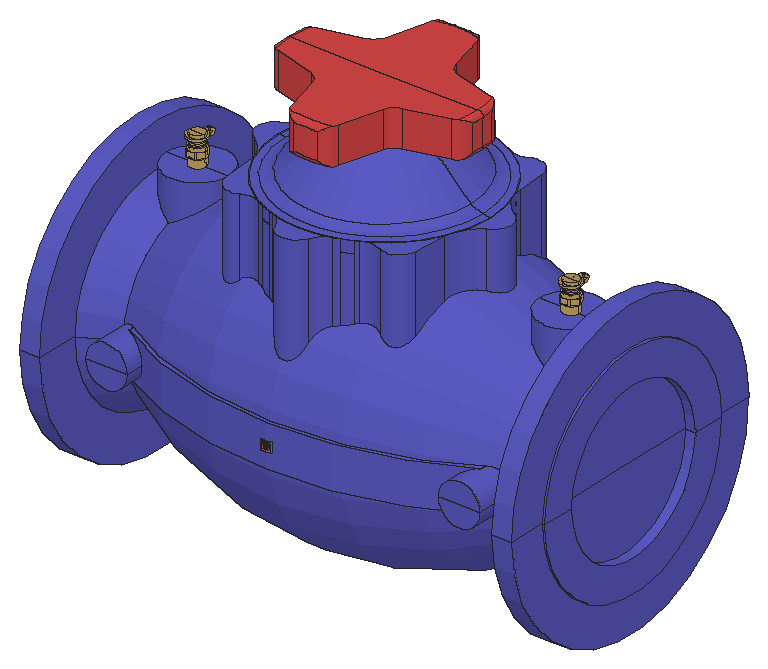
Revit family "HERZ Strömax Балансировочный клапан с измерительными клапанами, шпиндель прямой 4218 GMF", category Rohrzubehör, Revit 2018 (continued)
Definition of nested family "Messstutzen_Band_Austritt_senkrecht_(oben 25)"
  Forms (mm)
    Extrusion 4, solid, detail levels fine
      sketch origin (12.045, 0, 25.83) x (0, 1, 0) y (0.906308, 0, -0.422618)
        loop
          arc (9.582, 1.8) -> (7.288, 2.358) -> (5.505, 3.906) r 5
          arc (5.505, 3.906) -> (-6.75, 0) -> (5.505, -3.906) r 6.75
      from 0 to -1.5
    Extrusion 5, solid, detail levels fine
      sketch origin (14.022, 0, 30.07) x (0, 1, 0) y (0.906308, 0, -0.422618)
        loop
          circle (0, 0) r 6.1
        loop
          arc (8.652, -4.495) -> (10.493, -2.527) -> (13.089, -1.8) r 5
          line (13.089, -1.8) -> (13.089, 1.8)
          arc (13.089, 1.8) -> (10.493, 2.527) -> (8.652, 4.495) r 5
          arc (8.652, 4.495) -> (-9.75, 0) -> (8.652, -4.495) r 9.75
      from 0 to -1.5
    Sweep 6, solid, detail levels fine
      path origin (0.876, 0.242, 1.118) x (-0.422618, 0, -0.906308) y (0, 1, 0)
        loop
          line (-27.75, 9.582) -> (-27.75, 14.522)
          arc (-27.75, 14.522) -> (-30.089, 16.862) -> (-32.428, 14.522) r 2.339
          line (-32.428, 14.522) -> (-32.428, 13.089)
      profile origin (12.603, 12.294, 26.268) x (0.422618, 0, 0.906308) y (0.906308, 0, -0.422618)
        loop
          line (-0.75, -1.8) -> (0.75, -1.8) -> (0.75, 1.8) -> (-0.75, 1.8) -> (-0.75, -1.8)
  Dimensions and locks
    aligned and locked: level to plane 2
Definition of nested family "Messstutzen_Band_Austritt_senkrecht_(oben 0.8)"
  Parameters (values of type "Messstutzen_Band_Austritt_senkrecht_(oben 0.8)")
    URL = "www.herz-armaturen.at"
    Schutzkappe [instance] = yes
    Nennweite [instance] = 0.00 mm
    Manufacturer = "Herz Armaturen GmbH"  # constant formula
    Gewicht [instance] = 0.00 kg
    Bestellnummer [instance] = 0
  Reference planes
    plane 1 "Mitte (Vorne/hinten)": y = 0
    plane 2: z = 0
    plane 3 "Mitte (Links/rechts)": x = 0
  Forms (mm)
    Revolve 1, solid, detail levels fine
      sketch origin (0, 0, 0) x (0.999903, 0, -0.013962) y (0.013962, 0, 0.999903)
        loop
          line (-7.4, 9) -> (-5.55, 9) -> (-5.55, 6)
          arc (-5.55, 6) -> (-5.626, 5.617) -> (-5.843, 5.293) r 1
          line (-5.843, 5.293) -> (-6.455, 4.681) -> (-6.455, 0.9) -> (-5.555, 0) -> (-2, 0) -> (-2, 17.5) -> (-8.4, 17.5)
          arc (-8.4, 17.5) -> (-7.693, 17.207) -> (-7.4, 16.5) r 1
          line (-7.4, 16.5) -> (-7.4, 9)
        loop
          line (-3.7, 27) -> (-7.3, 27) -> (-7.9, 26.4) -> (-7.9, 23) -> (-2, 23) -> (-2, 35.8) -> (-3.805, 35.8) -> (-4.415, 35.19) -> (-4.415, 30.863) -> (-3.7, 30.45) -> (-3.7, 27)
        axis (0, 0) -> (0, 35.8)
      angle from 0 to 360
    Extrusion 2, solid, detail levels fine
      sketch origin (0.244, 0, 17.498) x (0, 1, 0) y (-0.999903, 0, 0.013962)
        loop
          arc (-7.07, 5.156) -> (-7.578, 4.375) -> (-8, 3.544) r 8.75
          line (-8, 3.544) -> (-8, -3.544)
          arc (-8, -3.544) -> (-7.578, -4.375) -> (-7.07, -5.156) r 8.75
          line (-7.07, -5.156) -> (-0.93, -8.7)
          arc (-0.93, -8.7) -> (0, -8.75) -> (0.93, -8.7) r 8.75
          line (0.93, -8.7) -> (7.07, -5.156)
          arc (7.07, -5.156) -> (7.578, -4.375) -> (8, -3.544) r 8.75
          line (8, -3.544) -> (8, 3.544)
          arc (8, 3.544) -> (7.578, 4.375) -> (7.07, 5.156) r 8.75
          line (7.07, 5.156) -> (0.93, 8.7)
          arc (0.93, 8.7) -> (0, 8.75) -> (-0.93, 8.7) r 8.75
          line (-0.93, 8.7) -> (-7.07, 5.156)
      from 0 to 5.5
    Revolve 3, solid, visible <- "Schutzkappe", detail levels fine
      sketch origin (0, 0, 0) x (0.999903, 0, -0.013962) y (0.013962, 0, 0.999903)
        loop
          line (0, 35.878) -> (0, 36.678) -> (-7, 36.678) -> (-7, 33.378) -> (-6.1, 33.378) -> (-6.1, 31.678) -> (-6.9, 31.678) -> (-6.9, 30.178) -> (-4.415, 30.178) -> (-4.415, 35.268) -> (-3.805, 35.878) -> (0, 35.878)
        axis (0, 30.178) -> (0, 36.678)
      angle from 0 to 360
    Extrusion 4, solid, detail levels fine
      sketch origin (0.398, 0, 28.497) x (0, 1, 0) y (0.999903, 0, -0.013962)
        loop
          circle (0, 0) r 3.7
        loop
          arc (5.505, -3.906) -> (7.288, -2.358) -> (9.582, -1.8) r 5
          line (9.582, -1.8) -> (9.582, 1.8)
          arc (9.582, 1.8) -> (7.288, 2.358) -> (5.505, 3.906) r 5
          arc (5.505, 3.906) -> (-6.75, 0) -> (5.505, -3.906) r 6.75
      from 0 to -1.5
    Extrusion 5, solid, detail levels fine
      sketch origin (0.463, 0, 33.175) x (0, 1, 0) y (0.999903, 0, -0.013962)
        loop
          circle (0, 0) r 6.1
        loop
          arc (8.652, -4.495) -> (10.493, -2.527) -> (13.089, -1.8) r 5
          line (13.089, -1.8) -> (13.089, 1.8)
          arc (13.089, 1.8) -> (10.493, 2.527) -> (8.652, 4.495) r 5
          arc (8.652, 4.495) -> (-9.75, 0) -> (8.652, -4.495) r 9.75
      from 0 to -1.5
    Sweep 6, solid, detail levels fine
      path origin (0.514, 0.493, 1.007) x (-0.013962, 0, -0.999903) y (0, 1, 0)
        loop
          line (-27.75, 9.582) -> (-27.75, 14.522)
          arc (-27.75, 14.522) -> (-30.089, 16.862) -> (-32.428, 14.522) r 2.339
          line (-32.428, 14.522) -> (-32.428, 13.089)
      profile origin (0.901, 12.545, 28.754) x (0.013962, 0, 0.999903) y (0.999903, 0, -0.013962)
        loop
          line (-0.75, -1.8) -> (0.75, -1.8) -> (0.75, 1.8) -> (-0.75, 1.8) -> (-0.75, -1.8)
  Dimensions and locks
    aligned and locked: level to plane 2
Definition of nested family "Messstutzen_Band_Eintritt_senkrecht_(oben 10)"
  Parameters (values of type "Messstutzen_Band_Eintritt_senkrecht_(oben 10)")
    URL = "www.herz-armaturen.at"
    Schutzkappe [instance] = yes
    Nennweite [instance] = 0.00 mm
    Manufacturer = "Herz Armaturen GmbH"  # constant formula
    Gewicht [instance] = 0.00 kg
    Bestellnummer [instance] = 0
  Reference planes
    plane 1 "Mitte (Vorne/hinten)": y = 0
    plane 2: z = 0
    plane 3 "Mitte (Links/rechts)": x = 0
  Forms (mm)
    Revolve 1, solid, detail levels fine
      sketch origin (0, 0, 0) x (0.984808, 0, 0.173648) y (-0.173648, 0, 0.984808)
        loop
          line (-7.4, 9) -> (-5.55, 9) -> (-5.55, 6)
          arc (-5.55, 6) -> (-5.626, 5.617) -> (-5.843, 5.293) r 1
          line (-5.843, 5.293) -> (-6.455, 4.681) -> (-6.455, 0.9) -> (-5.555, 0) -> (-2, 0) -> (-2, 17.5) -> (-8.4, 17.5)
          arc (-8.4, 17.5) -> (-7.693, 17.207) -> (-7.4, 16.5) r 1
          line (-7.4, 16.5) -> (-7.4, 9)
        loop
          line (-3.7, 27) -> (-7.3, 27) -> (-7.9, 26.4) -> (-7.9, 23) -> (-2, 23) -> (-2, 35.8) -> (-3.805, 35.8) -> (-4.415, 35.19) -> (-4.415, 30.863) -> (-3.7, 30.45) -> (-3.7, 27)
        axis (0, 0) -> (0, 35.8)
      angle from 0 to 360
    Extrusion 2, solid, detail levels fine
      sketch origin (-3.039, 0, 17.234) x (0, 1, 0) y (-0.984808, 0, -0.173648)
        loop
          arc (-7.07, 5.156) -> (-7.578, 4.375) -> (-8, 3.544) r 8.75
          line (-8, 3.544) -> (-8, -3.544)
          arc (-8, -3.544) -> (-7.578, -4.375) -> (-7.07, -5.156) r 8.75
          line (-7.07, -5.156) -> (-0.93, -8.7)
          arc (-0.93, -8.7) -> (0, -8.75) -> (0.93, -8.7) r 8.75
          line (0.93, -8.7) -> (7.07, -5.156)
          arc (7.07, -5.156) -> (7.578, -4.375) -> (8, -3.544) r 8.75
          line (8, -3.544) -> (8, 3.544)
          arc (8, 3.544) -> (7.578, 4.375) -> (7.07, 5.156) r 8.75
          line (7.07, 5.156) -> (0.93, 8.7)
          arc (0.93, 8.7) -> (0, 8.75) -> (-0.93, 8.7) r 8.75
          line (-0.93, 8.7) -> (-7.07, 5.156)
      from 0 to 5.5
    Revolve 3, solid, visible <- "Schutzkappe", detail levels fine
      sketch origin (0, 0, 0) x (0.984808, 0, 0.173648) y (-0.173648, 0, 0.984808)
        loop
          line (0, 35.878) -> (0, 36.678) -> (-7, 36.678) -> (-7, 33.378) -> (-6.1, 33.378) -> (-6.1, 31.678) -> (-6.9, 31.678) -> (-6.9, 30.178) -> (-4.415, 30.178) -> (-4.415, 35.268) -> (-3.805, 35.878) -> (0, 35.878)
        axis (0, 30.178) -> (0, 36.678)
      angle from 0 to 360
    Extrusion 4, solid, detail levels fine
      sketch origin (-4.949, 0, 28.067) x (0, 1, 0) y (0.984808, 0, 0.173648)
        loop
          circle (0, 0) r 3.7
        loop
          arc (5.505, -3.906) -> (7.288, -2.358) -> (9.582, -1.8) r 5
          line (9.582, -1.8) -> (9.582, 1.8)
          arc (9.582, 1.8) -> (7.288, 2.358) -> (5.505, 3.906) r 5
          arc (5.505, 3.906) -> (-6.75, 0) -> (5.505, -3.906) r 6.75
      from 0 to -1.5
    Extrusion 5, solid, detail levels fine
      sketch origin (-5.761, 0, 32.674) x (0, 1, 0) y (0.984808, 0, 0.173648)
        loop
          circle (0, 0) r 6.1
        loop
          arc (8.652, -4.495) -> (10.493, -2.527) -> (13.089, -1.8) r 5
          line (13.089, -1.8) -> (13.089, 1.8)
          arc (13.089, 1.8) -> (10.493, 2.527) -> (8.652, 4.495) r 5
          arc (8.652, 4.495) -> (-9.75, 0) -> (8.652, -4.495) r 9.75
      from 0 to -1.5
    Sweep 6, solid, detail levels fine
      path origin (0.6, 0.141, 0.838) x (0.173648, 0, -0.984808) y (0, 1, 0)
        loop
          line (-27.75, 9.582) -> (-27.75, 14.522)
          arc (-27.75, 14.522) -> (-30.089, 16.862) -> (-32.428, 14.522) r 2.339
          line (-32.428, 14.522) -> (-32.428, 13.089)
      profile origin (-4.219, 12.193, 28.166) x (-0.173648, 0, 0.984808) y (0.984808, 0, 0.173648)
        loop
          line (-0.75, -1.8) -> (0.75, -1.8) -> (0.75, 1.8) -> (-0.75, 1.8) -> (-0.75, -1.8)
  Dimensions and locks
    aligned and locked: level to plane 2
Definition of nested family "Messstutzen_Band_Eintritt_senkrecht_(oben 15)"
  Parameters (values of type "Messstutzen_Band_Eintritt_senkrecht_(oben 15)")
    URL = "www.herz-armaturen.at"
    Schutzkappe [instance] = yes
    Nennweite [instance] = 0.00 mm
    Manufacturer = "Herz Armaturen GmbH"  # constant formula
    Gewicht [instance] = 0.00 kg
    Bestellnummer [instance] = 0
  Reference planes
    plane 1 "Mitte (Vorne/hinten)": y = 0
    plane 2: z = 0
    plane 3 "Mitte (Links/rechts)": x = 0
  Forms (mm)
    Revolve 1, solid, detail levels fine
      sketch origin (0, 0, 0) x (0.965926, 0, 0.258819) y (-0.258819, 0, 0.965926)
        loop
          line (-7.4, 9) -> (-5.55, 9) -> (-5.55, 6)
          arc (-5.55, 6) -> (-5.626, 5.617) -> (-5.843, 5.293) r 1
          line (-5.843, 5.293) -> (-6.455, 4.681) -> (-6.455, 0.9) -> (-5.555, 0) -> (-2, 0) -> (-2, 17.5) -> (-8.4, 17.5)
          arc (-8.4, 17.5) -> (-7.693, 17.207) -> (-7.4, 16.5) r 1
          line (-7.4, 16.5) -> (-7.4, 9)
        loop
          line (-3.7, 27) -> (-7.3, 27) -> (-7.9, 26.4) -> (-7.9, 23) -> (-2, 23) -> (-2, 35.8) -> (-3.805, 35.8) -> (-4.415, 35.19) -> (-4.415, 30.863) -> (-3.7, 30.45) -> (-3.7, 27)
        axis (0, 0) -> (0, 35.8)
      angle from 0 to 360
    Extrusion 2, solid, detail levels fine
      sketch origin (-4.529, 0, 16.904) x (0, 1, 0) y (-0.965926, 0, -0.258819)
        loop
          arc (-7.07, 5.156) -> (-7.578, 4.375) -> (-8, 3.544) r 8.75
          line (-8, 3.544) -> (-8, -3.544)
          arc (-8, -3.544) -> (-7.578, -4.375) -> (-7.07, -5.156) r 8.75
          line (-7.07, -5.156) -> (-0.93, -8.7)
          arc (-0.93, -8.7) -> (0, -8.75) -> (0.93, -8.7) r 8.75
          line (0.93, -8.7) -> (7.07, -5.156)
          arc (7.07, -5.156) -> (7.578, -4.375) -> (8, -3.544) r 8.75
          line (8, -3.544) -> (8, 3.544)
          arc (8, 3.544) -> (7.578, 4.375) -> (7.07, 5.156) r 8.75
          line (7.07, 5.156) -> (0.93, 8.7)
          arc (0.93, 8.7) -> (0, 8.75) -> (-0.93, 8.7) r 8.75
          line (-0.93, 8.7) -> (-7.07, 5.156)
      from 0 to 5.5
    Revolve 3, solid, visible <- "Schutzkappe", detail levels fine
      sketch origin (0, 0, 0) x (0.965926, 0, 0.258819) y (-0.258819, 0, 0.965926)
        loop
          line (0, 35.878) -> (0, 36.678) -> (-7, 36.678) -> (-7, 33.378) -> (-6.1, 33.378) -> (-6.1, 31.678) -> (-6.9, 31.678) -> (-6.9, 30.178) -> (-4.415, 30.178) -> (-4.415, 35.268) -> (-3.805, 35.878) -> (0, 35.878)
        axis (0, 30.178) -> (0, 36.678)
      angle from 0 to 360
    Extrusion 4, solid, detail levels fine
      sketch origin (-7.376, 0, 27.529) x (0, 1, 0) y (0.965926, 0, 0.258819)
        loop
          circle (0, 0) r 3.7
        loop
          arc (5.505, -3.906) -> (7.288, -2.358) -> (9.582, -1.8) r 5
          line (9.582, -1.8) -> (9.582, 1.8)
          arc (9.582, 1.8) -> (7.288, 2.358) -> (5.505, 3.906) r 5
          arc (5.505, 3.906) -> (-6.75, 0) -> (5.505, -3.906) r 6.75
      from 0 to -1.5
    Extrusion 5, solid, detail levels fine
      sketch origin (-8.587, 0, 32.048) x (0, 1, 0) y (0.965926, 0, 0.258819)
        loop
          circle (0, 0) r 6.1
        loop
          arc (8.652, -4.495) -> (10.493, -2.527) -> (13.089, -1.8) r 5
          line (13.089, -1.8) -> (13.089, 1.8)
          arc (13.089, 1.8) -> (10.493, 2.527) -> (8.652, 4.495) r 5
          arc (8.652, 4.495) -> (-9.75, 0) -> (8.652, -4.495) r 9.75
      from 0 to -1.5
    Sweep 6, solid, detail levels fine
      path origin (0.468, 0.277, 0.942) x (0.258819, 0, -0.965926) y (0, 1, 0)
        loop
          line (-27.75, 9.582) -> (-27.75, 14.522)
          arc (-27.75, 14.522) -> (-30.089, 16.862) -> (-32.428, 14.522) r 2.339
          line (-32.428, 14.522) -> (-32.428, 13.089)
      profile origin (-6.714, 12.329, 27.747) x (-0.258819, 0, 0.965926) y (0.965926, 0, 0.258819)
        loop
          line (-0.75, -1.8) -> (0.75, -1.8) -> (0.75, 1.8) -> (-0.75, 1.8) -> (-0.75, -1.8)
  Dimensions and locks
    aligned and locked: level to plane 2
Definition of nested family "Messstutzen_Band_Eintritt_senkrecht_(oben 25)"
  Parameters (values of type "Messstutzen_Band_Eintritt_senkrecht_(oben 25)")
    URL = "www.herz-armaturen.at"
    Schutzkappe [instance] = yes
    Nennweite [instance] = 0.00 mm
    Manufacturer = "Herz Armaturen GmbH"  # constant formula
    Gewicht [instance] = 0.00 kg
    Bestellnummer [instance] = 0
  Reference planes
    plane 1 "Mitte (Vorne/hinten)": y = 0
    plane 2: z = 0
    plane 3 "Mitte (Links/rechts)": x = 0
  Forms (mm)
    Revolve 1, solid, detail levels fine
      sketch origin (0, 0, 0) x (0.906308, 0, 0.422618) y (-0.422618, 0, 0.906308)
        loop
          line (-7.4, 9) -> (-5.55, 9) -> (-5.55, 6)
          arc (-5.55, 6) -> (-5.626, 5.617) -> (-5.843, 5.293) r 1
          line (-5.843, 5.293) -> (-6.455, 4.681) -> (-6.455, 0.9) -> (-5.555, 0) -> (-2, 0) -> (-2, 17.5) -> (-8.4, 17.5)
          arc (-8.4, 17.5) -> (-7.693, 17.207) -> (-7.4, 16.5) r 1
          line (-7.4, 16.5) -> (-7.4, 9)
        loop
          line (-3.7, 27) -> (-7.3, 27) -> (-7.9, 26.4) -> (-7.9, 23) -> (-2, 23) -> (-2, 35.8) -> (-3.805, 35.8) -> (-4.415, 35.19) -> (-4.415, 30.863) -> (-3.7, 30.45) -> (-3.7, 27)
        axis (0, 0) -> (0, 35.8)
      angle from 0 to 360
    Extrusion 2, solid, detail levels fine
      sketch origin (-7.396, 0, 15.86) x (0, 1, 0) y (-0.906308, 0, -0.422618)
        loop
          arc (-7.07, 5.156) -> (-7.578, 4.375) -> (-8, 3.544) r 8.75
          line (-8, 3.544) -> (-8, -3.544)
          arc (-8, -3.544) -> (-7.578, -4.375) -> (-7.07, -5.156) r 8.75
          line (-7.07, -5.156) -> (-0.93, -8.7)
          arc (-0.93, -8.7) -> (0, -8.75) -> (0.93, -8.7) r 8.75
          line (0.93, -8.7) -> (7.07, -5.156)
          arc (7.07, -5.156) -> (7.578, -4.375) -> (8, -3.544) r 8.75
          line (8, -3.544) -> (8, 3.544)
          arc (8, 3.544) -> (7.578, 4.375) -> (7.07, 5.156) r 8.75
          line (7.07, 5.156) -> (0.93, 8.7)
          arc (0.93, 8.7) -> (0, 8.75) -> (-0.93, 8.7) r 8.75
          line (-0.93, 8.7) -> (-7.07, 5.156)
      from 0 to 5.5
    Revolve 3, solid, visible <- "Schutzkappe", detail levels fine
      sketch origin (0, 0, 0) x (0.906308, 0, 0.422618) y (-0.422618, 0, 0.906308)
        loop
          line (0, 35.878) -> (0, 36.678) -> (-7, 36.678) -> (-7, 33.378) -> (-6.1, 33.378) -> (-6.1, 31.678) -> (-6.9, 31.678) -> (-6.9, 30.178) -> (-4.415, 30.178) -> (-4.415, 35.268) -> (-3.805, 35.878) -> (0, 35.878)
        axis (0, 30.178) -> (0, 36.678)
      angle from 0 to 360
    Extrusion 4, solid, detail levels fine
      sketch origin (-12.045, 0, 25.83) x (0, 1, 0) y (0.906308, 0, 0.422618)
        loop
          circle (0, 0) r 3.7
        loop
          arc (5.505, -3.906) -> (7.288, -2.358) -> (9.582, -1.8) r 5
          line (9.582, -1.8) -> (9.582, 1.8)
          arc (9.582, 1.8) -> (7.288, 2.358) -> (5.505, 3.906) r 5
          arc (5.505, 3.906) -> (-6.75, 0) -> (5.505, -3.906) r 6.75
      from 0 to -1.5
    Extrusion 5, solid, detail levels fine
      sketch origin (-14.022, 0, 30.07) x (0, 1, 0) y (0.906308, 0, 0.422618)
        loop
          circle (0, 0) r 6.1
        loop
          arc (8.652, -4.495) -> (10.493, -2.527) -> (13.089, -1.8) r 5
          line (13.089, -1.8) -> (13.089, 1.8)
          arc (13.089, 1.8) -> (10.493, 2.527) -> (8.652, 4.495) r 5
          arc (8.652, 4.495) -> (-9.75, 0) -> (8.652, -4.495) r 9.75
      from 0 to -1.5
    Sweep 6, solid, detail levels fine
      path origin (-0.876, 0.242, 1.118) x (0.422618, 0, -0.906308) y (0, 1, 0)
        loop
          line (-27.75, 9.582) -> (-27.75, 14.522)
          arc (-27.75, 14.522) -> (-30.089, 16.862) -> (-32.428, 14.522) r 2.339
          line (-32.428, 14.522) -> (-32.428, 13.089)
      profile origin (-12.603, 12.294, 26.268) x (-0.422618, 0, 0.906308) y (0.906308, 0, 0.422618)
        loop
          line (-0.75, -1.8) -> (0.75, -1.8) -> (0.75, 1.8) -> (-0.75, 1.8) -> (-0.75, -1.8)
  Dimensions and locks
    aligned and locked: level to plane 2
Definition of nested family "Messstutzen_Band_Eintritt_senkrecht_(oben 0.8)"
  Parameters (values of type "Messstutzen_Band_Eintritt_senkrecht_(oben 0.8)")
    URL = "www.herz-armaturen.at"
    Schutzkappe [instance] = yes
    Nennweite [instance] = 0.00 mm
    Manufacturer = "Herz Armaturen GmbH"  # constant formula
    Gewicht [instance] = 0.00 kg
    Bestellnummer [instance] = 0
  Reference planes
    plane 1 "Mitte (Vorne/hinten)": y = 0
    plane 2: z = 0
    plane 3 "Mitte (Links/rechts)": x = 0
  Forms (mm)
    Revolve 1, solid, detail levels fine
      sketch origin (0, 0, 0) x (0.999903, 0, 0.013962) y (-0.013962, 0, 0.999903)
        loop
          line (-7.4, 9) -> (-5.55, 9) -> (-5.55, 6)
          arc (-5.55, 6) -> (-5.626, 5.617) -> (-5.843, 5.293) r 1
          line (-5.843, 5.293) -> (-6.455, 4.681) -> (-6.455, 0.9) -> (-5.555, 0) -> (-2, 0) -> (-2, 17.5) -> (-8.4, 17.5)
          arc (-8.4, 17.5) -> (-7.693, 17.207) -> (-7.4, 16.5) r 1
          line (-7.4, 16.5) -> (-7.4, 9)
        loop
          line (-3.7, 27) -> (-7.3, 27) -> (-7.9, 26.4) -> (-7.9, 23) -> (-2, 23) -> (-2, 35.8) -> (-3.805, 35.8) -> (-4.415, 35.19) -> (-4.415, 30.863) -> (-3.7, 30.45) -> (-3.7, 27)
        axis (0, 0) -> (0, 35.8)
      angle from 0 to 360
    Extrusion 2, solid, detail levels fine
      sketch origin (-0.244, 0, 17.498) x (0, 1, 0) y (-0.999903, 0, -0.013962)
        loop
          arc (-7.07, 5.156) -> (-7.578, 4.375) -> (-8, 3.544) r 8.75
          line (-8, 3.544) -> (-8, -3.544)
          arc (-8, -3.544) -> (-7.578, -4.375) -> (-7.07, -5.156) r 8.75
          line (-7.07, -5.156) -> (-0.93, -8.7)
          arc (-0.93, -8.7) -> (0, -8.75) -> (0.93, -8.7) r 8.75
          line (0.93, -8.7) -> (7.07, -5.156)
          arc (7.07, -5.156) -> (7.578, -4.375) -> (8, -3.544) r 8.75
          line (8, -3.544) -> (8, 3.544)
          arc (8, 3.544) -> (7.578, 4.375) -> (7.07, 5.156) r 8.75
          line (7.07, 5.156) -> (0.93, 8.7)
          arc (0.93, 8.7) -> (0, 8.75) -> (-0.93, 8.7) r 8.75
          line (-0.93, 8.7) -> (-7.07, 5.156)
      from 0 to 5.5
    Revolve 3, solid, visible <- "Schutzkappe", detail levels fine
      sketch origin (0, 0, 0) x (0.999903, 0, 0.013962) y (-0.013962, 0, 0.999903)
        loop
          line (0, 35.878) -> (0, 36.678) -> (-7, 36.678) -> (-7, 33.378) -> (-6.1, 33.378) -> (-6.1, 31.678) -> (-6.9, 31.678) -> (-6.9, 30.178) -> (-4.415, 30.178) -> (-4.415, 35.268) -> (-3.805, 35.878) -> (0, 35.878)
        axis (0, 30.178) -> (0, 36.678)
      angle from 0 to 360
    Extrusion 4, solid, detail levels fine
      sketch origin (-0.398, 0, 28.497) x (0, 1, 0) y (0.999903, 0, 0.013962)
        loop
          circle (0, 0) r 3.7
        loop
          arc (5.505, -3.906) -> (7.288, -2.358) -> (9.582, -1.8) r 5
          line (9.582, -1.8) -> (9.582, 1.8)
          arc (9.582, 1.8) -> (7.288, 2.358) -> (5.505, 3.906) r 5
          arc (5.505, 3.906) -> (-6.75, 0) -> (5.505, -3.906) r 6.75
      from 0 to -1.5
    Extrusion 5, solid, detail levels fine
      sketch origin (-0.463, 0, 33.175) x (0, 1, 0) y (0.999903, 0, 0.013962)
        loop
          circle (0, 0) r 6.1
        loop
          arc (8.652, -4.495) -> (10.493, -2.527) -> (13.089, -1.8) r 5
          line (13.089, -1.8) -> (13.089, 1.8)
          arc (13.089, 1.8) -> (10.493, 2.527) -> (8.652, 4.495) r 5
          arc (8.652, 4.495) -> (-9.75, 0) -> (8.652, -4.495) r 9.75
      from 0 to -1.5
    Sweep 6, solid, detail levels fine
      path origin (0.447, 0.318, 1.252) x (0.013962, 0, -0.999903) y (0, 1, 0)
        loop
          line (-27.75, 9.582) -> (-27.75, 14.522)
          arc (-27.75, 14.522) -> (-30.089, 16.862) -> (-32.428, 14.522) r 2.339
          line (-32.428, 14.522) -> (-32.428, 13.089)
      profile origin (0.059, 12.37, 29) x (-0.013962, 0, 0.999903) y (0.999903, 0, 0.013962)
        loop
          line (-0.75, -1.8) -> (0.75, -1.8) -> (0.75, 1.8) -> (-0.75, 1.8) -> (-0.75, -1.8)
  Dimensions and locks
    aligned and locked: level to plane 2
Definition of nested family "Strangregulierventil-Handrad-Gerade (Rot) DN15-DN40"
  Parameters (values of type "Strangregulierventil-Handrad-Gerade (Rot) DN15-DN40")
    URL = "www.herz-armaturen.at"
    Nennweite [instance] = 0.00 mm
    Manufacturer = "Herz Armaturen GmbH"  # constant formula
    Gewicht [instance] = 0.00 kg
    Bestellnummer [instance] = 0
  Reference planes
    plane 1 "Mitte (Vorne/hinten)": y = 0
    plane 2: z = 0
    plane 3 "Mitte (Links/rechts)": x = 0
  Forms (mm)
    Revolve 1, solid, detail levels fine
      sketch origin (0, 0, 0) x (1, 0, 0) y (0, 0, 1)
        loop
          line (0, 0) -> (0, 24.95) -> (-30.992, 24.95)
          arc (-30.992, 24.95) -> (-34.37, 23.636) -> (-35.973, 20.386) r 5
          line (-35.973, 20.386) -> (-37, 8.65) -> (-35.986, -2.936)
          arc (-35.986, -2.936) -> (-34.383, -6.186) -> (-31.005, -7.5) r 5
          line (-31.005, -7.5) -> (-15, -7.5) -> (-15, 0) -> (0, 0)
        axis (0, 24.95) -> (0, -7.5)
      angle from 0 to 360
    Extrusion 2, void
      sketch origin (0, 0, 20.3) x (1, 0, 0) y (0, 1, 0)
        loop
          line (3.861, 35.5) -> (-3.861, 35.5)
          arc (-3.861, 35.5) -> (-8.731, 33.847) -> (-11.589, 29.571) r 8
          line (-11.589, 29.571) -> (-13.284, 23.245)
          arc (-13.284, 23.245) -> (-13.982, 21.722) -> (-15.144, 20.516) r 5
          arc (-15.144, 20.516) -> (-18.031, 18.031) -> (-20.516, 15.144) r 25.5
          arc (-20.516, 15.144) -> (-21.722, 13.982) -> (-23.245, 13.284) r 5
          line (-23.245, 13.284) -> (-29.571, 11.589)
          arc (-29.571, 11.589) -> (-33.847, 8.731) -> (-35.5, 3.861) r 8
          line (-35.5, 3.861) -> (-35.5, -3.861)
          arc (-35.5, -3.861) -> (-33.847, -8.731) -> (-29.571, -11.589) r 8
          line (-29.571, -11.589) -> (-23.245, -13.284)
          arc (-23.245, -13.284) -> (-21.722, -13.982) -> (-20.516, -15.144) r 5
          arc (-20.516, -15.144) -> (-18.031, -18.031) -> (-15.144, -20.516) r 25.5
          arc (-15.144, -20.516) -> (-13.982, -21.722) -> (-13.284, -23.245) r 5
          line (-13.284, -23.245) -> (-11.589, -29.571)
          arc (-11.589, -29.571) -> (-8.731, -33.847) -> (-3.861, -35.5) r 8
          line (-3.861, -35.5) -> (3.861, -35.5)
          arc (3.861, -35.5) -> (8.731, -33.847) -> (11.589, -29.571) r 8
          line (11.589, -29.571) -> (13.284, -23.245)
          arc (13.284, -23.245) -> (13.982, -21.722) -> (15.144, -20.516) r 5
          arc (15.144, -20.516) -> (18.031, -18.031) -> (20.516, -15.144) r 25.5
          arc (20.516, -15.144) -> (21.722, -13.982) -> (23.245, -13.284) r 5
          line (23.245, -13.284) -> (29.571, -11.589)
          arc (29.571, -11.589) -> (33.847, -8.731) -> (35.5, -3.861) r 8
          line (35.5, -3.861) -> (35.5, 3.861)
          arc (35.5, 3.861) -> (33.847, 8.731) -> (29.571, 11.589) r 8
          line (29.571, 11.589) -> (23.245, 13.284)
          arc (23.245, 13.284) -> (21.722, 13.982) -> (20.516, 15.144) r 5
          arc (20.516, 15.144) -> (18.031, 18.031) -> (15.144, 20.516) r 25.5
          arc (15.144, 20.516) -> (13.982, 21.722) -> (13.284, 23.245) r 5
          line (13.284, 23.245) -> (11.589, 29.571)
          arc (11.589, 29.571) -> (8.731, 33.847) -> (3.861, 35.5) r 8
        loop
          circle (0, 0) r 38
      from -31.266 to 7.923
  Cuts and joins
    Extrusion 2 cuts Revolve 1
  Dimensions and locks
    Revolve 1 sketch curve to Revolve 1 sketch curve = 15.00 mm
    Revolve 1 sketch curve to Revolve 1 sketch curve = 16.15 mm
    Revolve 1 sketch curve to Revolve 1 sketch curve = 16.30 mm
    angle Revolve 1 sketch curve to Revolve 1 sketch curve = 95.00°
    aligned and locked: level to plane 2
Definition of nested family "Strangregulierventil-Handrad-Gerade (Rot) DN50-DN80"
  Parameters (values of type "Strangregulierventil-Handrad-Gerade (Rot) DN50-DN80")
    URL = "www.herz-armaturen.at"
    Nennweite [instance] = 0.00 mm
    Manufacturer = "Herz Armaturen GmbH"  # constant formula
    Gewicht [instance] = 0.00 kg
    Bestellnummer [instance] = 0
  Reference planes
    plane 1 "Mitte (Vorne/hinten)": y = 0
    plane 2: z = 0
    plane 3 "Mitte (Links/rechts)": x = 0
  Forms (mm)
    Revolve 1, solid, detail levels fine
      sketch origin (0, 0, 0) x (1, 0, 0) y (0, 0, 1)
        loop
          line (0, 0) -> (0, 24.95) -> (-50.992, 24.95)
          arc (-50.992, 24.95) -> (-54.37, 23.636) -> (-55.973, 20.386) r 5
          line (-55.973, 20.386) -> (-57, 8.65) -> (-55.986, -2.936)
          arc (-55.986, -2.936) -> (-54.383, -6.186) -> (-51.005, -7.5) r 5
          line (-51.005, -7.5) -> (-15, -7.5) -> (-15, 0) -> (0, 0)
        axis (0, 24.95) -> (0, -7.5)
      angle from 0 to 360
    Extrusion 2, void
      sketch origin (0, 0, 20.3) x (1, 0, 0) y (0, 1, 0)
        loop
          line (-55, 6.292) -> (-55, -6.292)
          arc (-55, -6.292) -> (-52.52, -13.597) -> (-46.106, -17.883) r 12
          line (-46.106, -17.883) -> (-35.399, -20.752)
          arc (-35.399, -20.752) -> (-33.541, -21.612) -> (-32.08, -23.047) r 6
          arc (-32.08, -23.047) -> (-27.931, -27.931) -> (-23.047, -32.08) r 39.5
          arc (-23.047, -32.08) -> (-21.612, -33.541) -> (-20.752, -35.399) r 6
          line (-20.752, -35.399) -> (-17.883, -46.106)
          arc (-17.883, -46.106) -> (-13.597, -52.52) -> (-6.292, -55) r 12
          line (-6.292, -55) -> (6.292, -55)
          arc (6.292, -55) -> (13.597, -52.52) -> (17.883, -46.106) r 12
          line (17.883, -46.106) -> (20.752, -35.399)
          arc (20.752, -35.399) -> (21.612, -33.541) -> (23.047, -32.08) r 6
          arc (23.047, -32.08) -> (27.931, -27.931) -> (32.08, -23.047) r 39.5
          arc (32.08, -23.047) -> (33.541, -21.612) -> (35.399, -20.752) r 6
          line (35.399, -20.752) -> (46.106, -17.883)
          arc (46.106, -17.883) -> (52.52, -13.597) -> (55, -6.292) r 12
          line (55, -6.292) -> (55, 6.292)
          arc (55, 6.292) -> (52.52, 13.597) -> (46.106, 17.883) r 12
          line (46.106, 17.883) -> (35.399, 20.752)
          arc (35.399, 20.752) -> (33.541, 21.612) -> (32.08, 23.047) r 6
          arc (32.08, 23.047) -> (27.931, 27.931) -> (23.047, 32.08) r 39.5
          arc (23.047, 32.08) -> (21.612, 33.541) -> (20.752, 35.399) r 6
          line (20.752, 35.399) -> (17.883, 46.106)
          arc (17.883, 46.106) -> (13.597, 52.52) -> (6.292, 55) r 12
          line (6.292, 55) -> (-6.292, 55)
          arc (-6.292, 55) -> (-13.597, 52.52) -> (-17.883, 46.106) r 12
          line (-17.883, 46.106) -> (-20.752, 35.399)
          arc (-20.752, 35.399) -> (-21.612, 33.541) -> (-23.047, 32.08) r 6
          arc (-23.047, 32.08) -> (-27.931, 27.931) -> (-32.08, 23.047) r 39.5
          arc (-32.08, 23.047) -> (-33.541, 21.612) -> (-35.399, 20.752) r 6
          line (-35.399, 20.752) -> (-46.106, 17.883)
          arc (-46.106, 17.883) -> (-52.52, 13.597) -> (-55, 6.292) r 12
        loop
          circle (0, 0) r 60
      from -31.161 to 7.489
  Cuts and joins
    Extrusion 2 cuts Revolve 1
  Dimensions and locks
    Revolve 1 sketch curve to Revolve 1 sketch curve = 15.00 mm
    Revolve 1 sketch curve to Revolve 1 sketch curve = 16.15 mm
    Revolve 1 sketch curve to Revolve 1 sketch curve = 16.30 mm
    Revolve 1 sketch curve to Revolve 1 sketch curve = 57.00 mm
    angle Revolve 1 sketch curve to Revolve 1 sketch curve = 95.00°
    aligned and locked: level to plane 2
Definition of nested family "Strangregulierventil-Handrad-Gerade (Rot) DN100-DN150"
  Parameters (values of type "Strangregulierventil-Handrad-Gerade (Rot) DN100-DN150")
    URL = "www.herz-armaturen.at"
    Nennweite [instance] = 0.00 mm
    Manufacturer = "Herz Armaturen GmbH"  # constant formula
    Gewicht [instance] = 0.00 kg
    Bestellnummer [instance] = 0
  Reference planes
    plane 1 "Mitte (Vorne/hinten)": y = 0
    plane 2: z = 0
    plane 3 "Mitte (Links/rechts)": x = 0
  Forms (mm)
    Revolve 1, solid, detail levels fine
      sketch origin (0, 0, 0) x (1, 0, 0) y (0, 0, 1)
        loop
          line (0, 0) -> (0, 20.8) -> (-90.019, 20.8)
          arc (-90.019, 20.8) -> (-93.397, 19.486) -> (-95, 16.236) r 5
          line (-95, 16.236) -> (-95, -9.166)
          arc (-95, -9.166) -> (-93.362, -12.33) -> (-90.032, -13.6) r 5
          line (-90.032, -13.6) -> (-20, -13.6) -> (-20, 0) -> (0, 0)
        axis (0, 20.8) -> (0, -13.6)
      angle from 0 to 360
    Extrusion 2, void
      sketch origin (0, 0, 20.3) x (1, 0, 0) y (0, 1, 0)
        loop
          circle (0, 0) r 110
        loop
          arc (-8.5, 94.619) -> (-17.649, 91.506) -> (-23, 83.46) r 15
          line (-23, 83.46) -> (-33.535, 44.142)
          arc (-33.535, 44.142) -> (-37.417, 37.417) -> (-44.142, 33.535) r 15
          line (-44.142, 33.535) -> (-83.46, 23)
          arc (-83.46, 23) -> (-91.506, 17.649) -> (-94.619, 8.5) r 15
          arc (-94.619, 8.5) -> (-95, 0) -> (-94.619, -8.5) r 95
          arc (-94.619, -8.5) -> (-91.506, -17.649) -> (-83.46, -23) r 15
          line (-83.46, -23) -> (-44.142, -33.535)
          arc (-44.142, -33.535) -> (-37.417, -37.417) -> (-33.535, -44.142) r 15
          line (-33.535, -44.142) -> (-23, -83.46)
          arc (-23, -83.46) -> (-17.649, -91.506) -> (-8.5, -94.619) r 15
          arc (-8.5, -94.619) -> (0, -95) -> (8.5, -94.619) r 95
          arc (8.5, -94.619) -> (17.649, -91.506) -> (23, -83.46) r 15
          line (23, -83.46) -> (33.535, -44.142)
          arc (33.535, -44.142) -> (37.417, -37.417) -> (44.142, -33.535) r 15
          line (44.142, -33.535) -> (83.46, -23)
          arc (83.46, -23) -> (91.506, -17.649) -> (94.619, -8.5) r 15
          arc (94.619, -8.5) -> (95, 0) -> (94.619, 8.5) r 95
          arc (94.619, 8.5) -> (91.506, 17.649) -> (83.46, 23) r 15
          line (83.46, 23) -> (44.142, 33.535)
          arc (44.142, 33.535) -> (37.417, 37.417) -> (33.535, 44.142) r 15
          line (33.535, 44.142) -> (23, 83.46)
          arc (23, 83.46) -> (17.649, 91.506) -> (8.5, 94.619) r 15
          arc (8.5, 94.619) -> (0, 95) -> (-8.5, 94.619) r 95
      from -51.286 to 22
  Cuts and joins
    Extrusion 2 cuts Revolve 1
  Dimensions and locks
    Revolve 1 sketch curve to Revolve 1 sketch curve = 20.00 mm
    Revolve 1 sketch curve to Revolve 1 sketch curve = 95.00 mm
    Revolve 1 sketch curve to Revolve 1 sketch curve = 34.40 mm
    plane 2 to Revolve 1 sketch curve = 13.60 mm
    aligned and locked: level to plane 2
